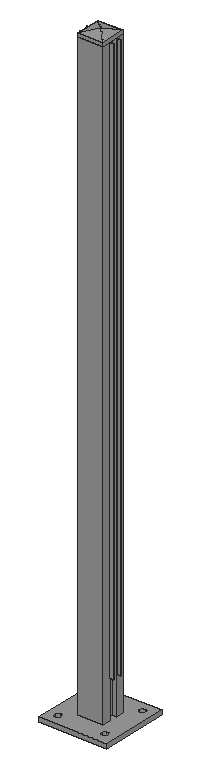
Revit family "Palmshield-Mercury-Solid-Aluminum-Post", category Specialty Equipment, Revit 2026
Family settings
  Round Connector Dimension = Use Diameter
  Part Type = Normal
  Classification Number = 23.55.00.00
  Work Plane-Based = No
  Enable Cutting in Views = No
  Always vertical = No
  Cut with Voids When Loaded = No
  Maintain Annotation Orientation = No
  Shared = No
  Room Calculation Point = No
Parameters (values of type "Assembly")
  Warranty URL = "https://palmshieldlouvers.com/wp-content/uploads/2020/01/PalmSHIELD-Warranty-NO-SIGN-LINE.pdf"
  Version = "2020 - v1.0a"  # constant formula
  URL = "https://palmshieldlouvers.com/"
  Product Page URL = "https://palmshieldlouvers.com/products/mercury-eco-solid/"
  Product Documentation Link = "https://palmshieldlouvers.com/wp-content/uploads/2022/01/PalmSHIELD-Mercury-Solid-Composite-Infill-Architectural-Screening-Specifications.doc"
  Post Position [instance] = 1
  Model = "Mercury Economic Solid - Aluminum"  # constant formula
  Material = Metal - PalmSHIELD - Dusty Grey
  Manufacturer Phone Number = "531-329-4406 "  # constant formula
  Manufacturer Email = "mailto: info@palmshieldlouvers.com"
  Manufacturer Address = "12330 Cary Circle, La Vista, NE 68128"  # constant formula
  Manufacturer = "PalmSHIELD"  # constant formula
  Keynote = "05 10 00"
  Instruction Sheet Link = "https://palmshieldlouvers.com/wp-content/uploads/2020/02/PalmSHIELD-Element-Screening-Installation-Instructions.pdf"
  ID [instance] = "Not Assigned"
  Height [instance] = if(Desired Overall Height < C Min Height, C Min Height, if(Desired Overall Height > C Max Height, C Max Height, Desired Overall Height))  # 6' - 0"
  Desired Overall Height [instance] = 6' - 0"
  Description = "Mercury Economic Solid - Aluminum - Square Post"  # constant formula
  Default Elevation = 0' - 0"
  Copyright = "Copyright ©2024 The American Fence Company and PalmSHIELD. All Rights Reserved."  # constant formula
  Component Vis [instance] = yes
  Component Name [instance] = "Mercury Economic Solid - Aluminum - Square Post"  # constant formula
  C Post Width = 0' - 4"  # constant formula
  C Min Height [instance] = 3' - 4"  # constant formula
  C Max Height [instance] = 8' - 0"  # constant formula
  Assembly Code = "F1020100"
Reference planes (in)
  plane 1 "Center (Front/Back)": y = 0
  plane 2: z = 0
  plane 3 "Center (Left/Right)": x = 0
  plane 4: z = 72
  plane 5: y = 2
  plane 6: y = -2
  plane 7: x = 2
  plane 8: x = -2
Lines and regions (in)
  reference lines
    curve 1: line (-24.29961, 0, 72) -> (24.70039, 0, 72)
Dimensions and locks (in)
  "Desired Overall Height": curve 1 to plane 2
  "Height": plane 4 to plane 2
  equal spacing: plane 8, plane 3 "Center (Left/Right)", plane 7
  equal spacing: plane 5, plane 1 "Center (Front/Back)", plane 6
  "C Post Width": plane 5 to plane 6
  "C Post Width": plane 8 to plane 7
  aligned and locked: plane 2 to level
Automatic sketch dimensions
  curve 1 to plane 8 = 1' - 10.29961"
  curve 1 to plane 7 = 1' - 10.70039"
Nested families (in)
  nested 1: "Screening-Louver-Assembly-Post-Palmshield-Mercury_Economic-Solid-Composite" at (0, 0, 0), Desired Overall Height <- "Desired Overall Height", ID <- "ID", Component Vis <- "Component Vis", Constraints <- "Post Position", type "Assembly"
    with Overall Height 6' - 0", ID "Not Assigned", Desired Overall Height 6' - 0", Constraints 1, Component Vis (Middle) yes, Component Vis (End) no, Component Vis (Corner) no, Component Vis yes, Component Name "Mercury Economic Solid - Composite - Post Assembly"
  nested 2: "Nested-Base_Plate-Palmshield-Mercury_Economic-Solid-Vinyl" at (0, 0, 0), type "8" x 8" x 1/2""
    with Material Metal - PalmSHIELD - Dusty Grey, ID "Not Assigned", Component Name "Mercury Economic Solid - Aluminum - Base Plate"
  nested 3: "Nested-Top_Cap-Palmshield-Mercury_Economic-Solid-Vinyl" at (0, 0, 72), type "3" x 3" x 3/4""
    with Material Metal - PalmSHIELD - Dusty Grey, ID "Not Assigned", Component Name "Mercury Economic Solid - Aluminum - Top Cap"
  nested 4: "Nested-Square_Post-Palmshield-Mercury_Economic-Solid-Vinyl" at (0, 0, 0.5), type "6063 T6 ALUM 3" X 3" POSTS"
    with Post Position 1, Middle Post yes, Material Metal - PalmSHIELD - Dusty Grey, Length 5' - 11 1/2", ID "", End Post no, Corner Post Up no, Corner Post Down no, Component Name "Mercury Economic Solid - Aluminum - Post"
Definition of nested family "Nested-Base_Plate-Palmshield-Mercury_Economic-Solid-Vinyl"
  Parameters (values of type "8" x 8" x 1/2"")
    Width = 0' - 8"  # constant formula
    Warranty URL = "https://palmshieldlouvers.com/wp-content/uploads/2020/01/PalmSHIELD-Warranty-NO-SIGN-LINE.pdf"
    Version = "2020 - v1.0a"  # constant formula
    URL = "https://palmshieldlouvers.com/"
    Thickness = 0' - 0 1/2"  # constant formula
    Product Page URL = "Contact Manufacturer for More Information"
    Product Documentation Link = "Contact Manufacturer for More Information"
    Model = "Mercury Economic Solid"  # constant formula
    Material [instance] = none
    Manufacturer Phone Number = "531-329-4406 "  # constant formula
    Manufacturer Fax Number = "Consult Manufacturer Website for More Information"  # constant formula
    Manufacturer Email = "mailto: info@palmshieldlouvers.com"
    Manufacturer Address = "12330 Cary Circle, La Vista, NE 68128"  # constant formula
    Manufacturer = "PalmSHIELD"  # constant formula
    Keynote = "05 10 00"
    ID [instance] = ""
    Hole Diameter = 0' - 0 3/4"  # constant formula
    Description = "Mercury Economic Solid - Aluminum - Base Plate"  # constant formula
    Default Elevation = 4' - 0"
    Copyright = "©2023 The American Fence Company and PalmSHIELD. All Rights Reserved."  # constant formula
    Component Name [instance] = "Mercury Economic Solid - Aluminum - Base Plate"  # constant formula
    C Hole Offset = 0' - 1 1/4"  # constant formula
    Assembly Code = "F1020100"
  Reference planes (in)
    plane 1 "Center (Front/Back)": y = 0
    plane 2: z = 0
    plane 3 "Center (Left/Right)": x = 0
    plane 4: y = 4
    plane 5: x = 4
    plane 6: y = -4
    plane 7: x = -4
    plane 8: z = 0.5
  Forms (in)
    Extrusion 1, solid
      sketch origin (0, 0, 0) x (1, 0, 0) y (0, 1, 0)
        loop
          line (-48, 48) -> (-48, -48) -> (48, -48) -> (48, 48) -> (-48, 48)
      from 0 to -12
    Extrusion 2, solid, material <- "Material"
      sketch origin (0, 0, 0) x (1, 0, 0) y (0, 1, 0)
        loop
          line (-4, 4) -> (-4, -4) -> (4, -4) -> (4, 4) -> (-4, 4)
        loop
          circle (-2.75, 2.75) r 0.375
        loop
          circle (2.75, 2.75) r 0.375
        loop
          circle (-2.75, -2.75) r 0.375
        loop
          circle (2.75, -2.75) r 0.375
      from 0 to 0.5
  Dimensions and locks (in)
    equal spacing: plane 7, plane 3 "Center (Left/Right)", plane 5
    equal spacing: plane 4, plane 1 "Center (Front/Back)", plane 6
    "Width": plane 7 to plane 5
    "Width": plane 4 to plane 6
    "C Hole Offset": plane 7 to Extrusion 2 sketch curve  (x2)
    "C Hole Offset": Extrusion 2 sketch curve to plane 5  (x2)
    "C Hole Offset": plane 4 to Extrusion 2 sketch curve  (x2)
    "C Hole Offset": plane 6 to Extrusion 2 sketch curve  (x2)
    "Thickness": plane 8 to plane 2
    "Hole Diameter": diameter of Extrusion 2 sketch curve  (x4)
    aligned and locked: plane 2 to Extrusion 1
    aligned and locked: level to Extrusion 1
    aligned and locked: Extrusion 2 sketch curve to plane 4
    aligned and locked: plane 7 to Extrusion 2 sketch curve
    aligned and locked: Extrusion 2 sketch curve to plane 6
    aligned and locked: Extrusion 2 sketch curve to plane 5
    aligned and locked: plane 8 to Extrusion 2
  Automatic sketch dimensions
    Extrusion 1 sketch curve to Extrusion 1 sketch curve = 8' - 0"  (x2)
Definition of nested family "Nested-Top_Cap-Palmshield-Mercury_Economic-Solid-Vinyl"
  Parameters (values of type "3" x 3" x 3/4"")
    Width = 0' - 3"  # constant formula
    Warranty URL = "https://palmshieldlouvers.com/wp-content/uploads/2020/01/PalmSHIELD-Warranty-NO-SIGN-LINE.pdf"
    Version = "2020 - v1.0a"  # constant formula
    URL = "https://palmshieldlouvers.com/"
    Thickness = 0' - 0 3/4"  # constant formula
    Product Page URL = "Contact Manufacturer for More Information"
    Product Documentation Link = "Contact Manufacturer for More Information"
    Model = "Mercury Economic Solid"  # constant formula
    Material [instance] = none
    Manufacturer Phone Number = "531-329-4406 "  # constant formula
    Manufacturer Fax Number = "Consult Manufacturer Website for More Information"  # constant formula
    Manufacturer Email = "mailto: info@palmshieldlouvers.com"
    Manufacturer Address = "12330 Cary Circle, La Vista, NE 68128"  # constant formula
    Manufacturer = "PalmSHIELD"  # constant formula
    Keynote = "05 10 00"
    ID [instance] = ""
    Description = "Mercury Economic Solid - Aluminum - Top Cap"  # constant formula
    Default Elevation = 4' - 0"
    Copyright = "©2023 The American Fence Company and PalmSHIELD. All Rights Reserved."  # constant formula
    Component Name [instance] = "Mercury Economic Solid - Aluminum - Top Cap"  # constant formula
    Assembly Code = "F1020100"
  Reference planes (in)
    plane 1 "Center (Front/Back)": y = 0
    plane 2: z = 0
    plane 3 "Center (Left/Right)": x = 0
  Forms (in)
    Extrusion 1, solid
      sketch origin (0, 0, 0) x (1, 0, 0) y (0, 1, 0)
        loop
          line (-48, 48) -> (-48, -48) -> (48, -48) -> (48, 48) -> (-48, 48)
      from 0 to -12
    Extrusion 2, solid, material <- "Material"
      sketch origin (0, 0, 0) x (1, 0, 0) y (0, 0, 1)
        loop
          line (-1.5, 0.375) -> (-1.5, 0) -> (1.5, 0) -> (1.5, 0.375) -> (-1.5, 0.375)
      from -1.5 to 1.5
    Extrusion 3, solid, material <- "Material"
      sketch origin (0, 0, 0.375) x (1, 0, 0) y (0, 0, 1)
        loop
          line (-1.5, 0.375) -> (-1.5, 0) -> (1.5, 0) -> (1.5, 0.375) -> (-1.5, 0.375)
      from -1.5 to 1.5
    Extrusion 4, void
      sketch origin (0, 0, 0) x (1, 0, 0) y (0, 0, 1)
        loop
          line (-1.5, 0.375) -> (0, 0.75) -> (1.5, 0.375) -> (1.5, 1.19559) -> (-1.5, 1.19559) -> (-1.5, 0.375)
      from -1.71068 to 1.80879
    Extrusion 5, void
      sketch origin (0, 0, 0) x (0, -1, 0) y (0, 0, -1)
        loop
          line (-1.5, -0.375) -> (-1.5, -1.19559) -> (1.5, -1.19559) -> (1.5, -0.375) -> (0, -0.75) -> (-1.5, -0.375)
      from -1.71068 to 1.80879
  Cuts and joins
    Extrusion 4, Extrusion 5 cuts Extrusion 3
  Dimensions and locks (in)
    aligned and locked: plane 2 to Extrusion 1
    aligned and locked: level to Extrusion 1
Definition of nested family "Nested-Square_Post-Palmshield-Mercury_Economic-Solid-Vinyl"
  Parameters (values of type "6063 T6 ALUM 3" X 3" POSTS")
    Width = 0' - 3"  # constant formula
    Warranty URL = "https://palmshieldlouvers.com/wp-content/uploads/2020/01/PalmSHIELD-Warranty-NO-SIGN-LINE.pdf"
    Version = "2020 - v1.0a"  # constant formula
    URL = "https://palmshieldlouvers.com/"
    Thickness = 0' - 0 1/16"  # constant formula
    Product Page URL = "Contact Manufacturer for More Information"
    Product Documentation Link = "Contact Manufacturer for More Information"
    Post Position [instance] = 3
    Model = "Mercury Economic Solid"  # constant formula
    Middle Post [instance] = Post Position = 1  # no
    Material [instance] = none
    Manufacturer Phone Number = "531-329-4406 "  # constant formula
    Manufacturer Fax Number = "Consult Manufacturer Website for More Information"  # constant formula
    Manufacturer Email = "mailto: info@palmshieldlouvers.com"
    Manufacturer Address = "12330 Cary Circle, La Vista, NE 68128"  # constant formula
    Manufacturer = "PalmSHIELD"  # constant formula
    Length [instance] = 4' - 4.86713"
    Keynote = "05 10 00"
    ID [instance] = ""
    End Post [instance] = Post Position = 2  # no
    Description = "Mercury Economic Solid - Aluminum - Post"  # constant formula
    Default Elevation = 4' - 0"
    Corner Post Up [instance] = Post Position = 3  # yes
    Corner Post Down [instance] = Post Position = 4  # no
    Copyright = "©2023 The American Fence Company and PalmSHIELD. All Rights Reserved."  # constant formula
    Component Name [instance] = "Mercury Economic Solid - Aluminum - Post"  # constant formula
    Assembly Code = "F1020100"
  Reference planes (in)
    plane 1 "Center (Front/Back)": y = 0
    plane 2: z = 0
    plane 3 "Center (Left/Right)": x = 0
    plane 4: z = 52.86713
    plane 5: z = 49.86713
    plane 6: x = -1.5
    plane 7: x = 1.5
    plane 8: y = 1.5
    plane 9: y = -1.5
  Forms (in)
    Extrusion 1, solid
      sketch origin (0, 0, 0) x (1, 0, 0) y (0, 1, 0)
        loop
          line (-48, 48) -> (-48, -48) -> (48, -48) -> (48, 48) -> (-48, 48)
      from 0 to -12
    Extrusion 2, solid, material <- "Material", visible <- "Middle Post"
      sketch origin (0, 0, 0) x (1, 0, 0) y (0, 1, 0)
        loop
          line (1.5, 1.5) -> (-1.5, 1.5) -> (-1.5, 0.5625) -> (-2, 0.5625) -> (-2, 0.5) -> (-1, 0.5) -> (-1, -0.5) -> (-2, -0.5) -> (-2, -0.5625) -> (-1.5, -0.5625) -> (-1.5, -1.5) -> (1.5, -1.5) -> (1.5, -0.5625) -> (2, -0.5625) -> (2, -0.5) -> (1, -0.5) -> (1, 0.5) -> (2, 0.5) -> (2, 0.5625) -> (1.5, 0.5625) -> (1.5, 1.5)
        loop
          line (-1.4375, 1.4375) -> (-1.4375, 0.5625) -> (-0.9375, 0.5625) -> (-0.9375, -0.5625) -> (-1.4375, -0.5625) -> (-1.4375, -1.4375) -> (1.4375, -1.4375) -> (1.4375, -0.5625) -> (0.9375, -0.5625) -> (0.9375, 0.5625) -> (1.4375, 0.5625) -> (1.4375, 1.4375) -> (-1.4375, 1.4375)
      from 0 to 52.86713
    Extrusion 3, solid, material <- "Material", visible <- "Corner Post Up"
      sketch origin (0, 0, 0) x (1, 0, 0) y (0, 1, 0)
        loop
          line (1.5, 1.5) -> (0.5625, 1.5) -> (0.5625, 2) -> (0.5, 2) -> (0.5, 1) -> (-0.5, 1) -> (-0.5, 2) -> (-0.5625, 2) -> (-0.5625, 1.5) -> (-1.5, 1.5) -> (-1.5, 0.5625) -> (-2, 0.5625) -> (-2, 0.5) -> (-1, 0.5) -> (-1, -0.5) -> (-2, -0.5) -> (-2, -0.5625) -> (-1.5, -0.5625) -> (-1.5, -1.5) -> (1.5, -1.5) -> (1.5, 1.5)
        loop
          line (-1.4375, 1.4375) -> (-1.4375, 0.5625) -> (-0.9375, 0.5625) -> (-0.9375, -0.5625) -> (-1.4375, -0.5625) -> (-1.4375, -1.4375) -> (1.4375, -1.4375) -> (1.4375, 1.4375) -> (0.5625, 1.4375) -> (0.5625, 0.9375) -> (-0.5625, 0.9375) -> (-0.5625, 1.4375) -> (-1.4375, 1.4375)
      from 0 to 52.86713
    Extrusion 4, solid, material <- "Material", visible <- "End Post"
      sketch origin (0, 0, 0) x (1, 0, 0) y (0, 1, 0)
        loop
          line (-1.5, 1.5) -> (-1.5, 0.5625) -> (-2, 0.5625) -> (-2, 0.5) -> (-1, 0.5) -> (-1, -0.5) -> (-2, -0.5) -> (-2, -0.5625) -> (-1.5, -0.5625) -> (-1.5, -1.5) -> (1.5, -1.5) -> (1.5, 1.5) -> (-1.5, 1.5)
        loop
          line (1.4375, 1.4375) -> (-1.4375, 1.4375) -> (-1.4375, 0.5625) -> (-0.9375, 0.5625) -> (-0.9375, -0.5625) -> (-1.4375, -0.5625) -> (-1.4375, -1.4375) -> (1.4375, -1.4375) -> (1.4375, 1.4375)
      from 0 to 52.86713
    Extrusion 5, void
      sketch origin (0, 0, 0) x (1, 0, 0) y (0, 1, 0)
        loop
          line (-1.5, 1.5) -> (-1.5, -1.5) -> (1.5, -1.5) -> (1.5, 1.5) -> (-1.5, 1.5)
        loop
          line (-2.25, 2.25) -> (-2.25, -2.25) -> (2.25, -2.25) -> (2.25, 2.25) -> (-2.25, 2.25)
      from -0.5 to 4.5
    Extrusion 6, solid, material <- "Material", visible <- "Corner Post Down"
      sketch origin (0, 0, 0) x (1, 0, 0) y (0, 1, 0)
        loop
          line (1.5, -1.5) -> (1.5, 1.5) -> (-1.5, 1.5) -> (-1.5, 0.5625) -> (-2, 0.5625) -> (-2, 0.5) -> (-1, 0.5) -> (-1, -0.5) -> (-2, -0.5) -> (-2, -0.5625) -> (-1.5, -0.5625) -> (-1.5, -1.5) -> (-0.5625, -1.5) -> (-0.5625, -2) -> (-0.5, -2) -> (-0.5, -1) -> (0.5, -1) -> (0.5, -2) -> (0.5625, -2) -> (0.5625, -1.5) -> (1.5, -1.5)
        loop
          line (-1.4375, -1.4375) -> (-0.5625, -1.4375) -> (-0.5625, -0.9375) -> (0.5625, -0.9375) -> (0.5625, -1.4375) -> (1.4375, -1.4375) -> (1.4375, 1.4375) -> (-1.4375, 1.4375) -> (-1.4375, 0.5625) -> (-0.9375, 0.5625) -> (-0.9375, -0.5625) -> (-1.4375, -0.5625) -> (-1.4375, -1.4375)
      from 0 to 52.86713
  Cuts and joins
    Extrusion 5 cuts Extrusion 3
    Extrusion 5 cuts Extrusion 2
    Extrusion 5 cuts Extrusion 4
    Extrusion 5 cuts Extrusion 6
  Lines and regions (in)
    reference lines
      curve 1: line (-3.81017, 0, -0.5) -> (3.68983, 0, -0.5)
      curve 2: line (-3.81017, 0, 4.5) -> (3.68983, 0, 4.5)
  Dimensions and locks (in)
    "Length": plane 4 to plane 2
    locked: plane 4 to plane 5 at 3
    locked: plane 2 to curve 1 at 0.5
    locked: curve 2 to curve 1 at 5
    aligned and locked: plane 2 to Extrusion 1
    aligned and locked: level to Extrusion 1
    aligned and locked: plane 4 to Extrusion 2
    aligned and locked: plane 4 to Extrusion 3
    aligned and locked: plane 4 to Extrusion 4
    aligned and locked: curve 1 to Extrusion 5
    aligned and locked: Extrusion 5 to curve 2
    aligned and locked: plane 4 to Extrusion 6
    aligned and locked: Extrusion 6 to plane 2
  Automatic sketch dimensions
    Extrusion 1 sketch curve to Extrusion 1 sketch curve = 8' - 0"  (x2)
    curve 2 to plane 6 = 0' - 2.31017"
    curve 1 to plane 6 = 0' - 2.31017"
    plane 7 to curve 2 = 0' - 2.18983"
    plane 7 to curve 1 = 0' - 2.18983"
    Extrusion 2 sketch curve to plane 6 = 0' - 0"  (x2)
    Extrusion 2 sketch curve to plane 7 = 0' - 0"  (x2)
    Extrusion 2 sketch curve to plane 9 = 0' - 0"
    Extrusion 2 sketch curve to plane 8 = 0' - 0"
    Extrusion 2 sketch curve to plane 6 = 0' - 0 1/2"  (x2)
    Extrusion 2 sketch curve to Extrusion 2 sketch curve = 0' - 0 1/16"  (x7)
    plane 6 to Extrusion 2 sketch curve = 0' - 0 1/16"
    Extrusion 2 sketch curve to Extrusion 2 sketch curve = 0' - 0 7/16"
    Extrusion 2 sketch curve to plane 7 = 0' - 0 9/16"
    Extrusion 2 sketch curve to plane 7 = 0' - 0 1/16"  (x2)
    plane 7 to Extrusion 2 sketch curve = 0' - 0 1/2"  (x2)
    plane 9 to Extrusion 2 sketch curve = 0' - 0 1/16"
    plane 1 "Center (Front/Back)" to Extrusion 2 sketch curve = 0' - 0 9/16"  (x4)
    Extrusion 2 sketch curve to plane 1 "Center (Front/Back)" = 0' - 0 1/2"  (x2)
    Extrusion 2 sketch curve to Extrusion 2 sketch curve = 0' - 0"  (x2)
    Extrusion 2 sketch curve to plane 8 = 0' - 0 1/16"
    Extrusion 3 sketch curve to plane 6 = 0' - 0"  (x2)
    Extrusion 3 sketch curve to plane 8 = 0' - 0"  (x2)
    Extrusion 3 sketch curve to plane 7 = 0' - 0"
    Extrusion 3 sketch curve to plane 9 = 0' - 0"
    Extrusion 3 sketch curve to plane 6 = 0' - 0 1/2"
    Extrusion 3 sketch curve to Extrusion 3 sketch curve = 0' - 0 1/2"
    plane 6 to Extrusion 3 sketch curve = 0' - 0 1/16"  (x2)
    Extrusion 3 sketch curve to Extrusion 3 sketch curve = 0' - 0 7/16"
    Extrusion 3 sketch curve to Extrusion 3 sketch curve = 0' - 0 1/16"  (x9)
    Extrusion 3 sketch curve to plane 3 "Center (Left/Right)" = 0' - 0 9/16"
    Extrusion 3 sketch curve to Extrusion 3 sketch curve = 0' - 0 3/8"  (x2)
    plane 3 "Center (Left/Right)" to Extrusion 3 sketch curve = 0' - 0 1/2"
    Extrusion 3 sketch curve to plane 8 = 0' - 0 1/16"
    Extrusion 3 sketch curve to plane 7 = 0' - 0 1/16"
    plane 9 to Extrusion 3 sketch curve = 0' - 0 1/16"
    plane 1 "Center (Front/Back)" to Extrusion 3 sketch curve = 0' - 0 9/16"
    Extrusion 3 sketch curve to Extrusion 3 sketch curve = 0' - 0"
    Extrusion 3 sketch curve to plane 1 "Center (Front/Back)" = 0' - 0 1/2"
    plane 8 to Extrusion 3 sketch curve = 0' - 0 1/2"  (x2)
    Extrusion 4 sketch curve to plane 6 = 0' - 0"  (x2)
    Extrusion 4 sketch curve to plane 7 = 0' - 0"
    Extrusion 4 sketch curve to plane 9 = 0' - 0"
    Extrusion 4 sketch curve to plane 8 = 0' - 0"
    Extrusion 4 sketch curve to Extrusion 4 sketch curve = 0' - 0 1/2"
    Extrusion 4 sketch curve to plane 6 = 0' - 0 1/2"
    plane 6 to Extrusion 4 sketch curve = 0' - 0 1/16"  (x2)
    Extrusion 4 sketch curve to Extrusion 4 sketch curve = 0' - 0 7/16"
    Extrusion 4 sketch curve to Extrusion 4 sketch curve = 0' - 0 1/16"  (x3)
    Extrusion 4 sketch curve to plane 7 = 0' - 0 1/16"
    plane 9 to Extrusion 4 sketch curve = 0' - 0 1/16"
    plane 1 "Center (Front/Back)" to Extrusion 4 sketch curve = 0' - 0 9/16"
    Extrusion 4 sketch curve to Extrusion 4 sketch curve = 0' - 0"  (x2)
    Extrusion 4 sketch curve to plane 1 "Center (Front/Back)" = 0' - 0 1/2"
    Extrusion 4 sketch curve to plane 8 = 0' - 0 1/16"
    Extrusion 5 sketch curve to plane 6 = 0' - 0"
    Extrusion 5 sketch curve to plane 7 = 0' - 0"
    Extrusion 5 sketch curve to plane 9 = 0' - 0"
    Extrusion 5 sketch curve to plane 8 = 0' - 0"
    Extrusion 5 sketch curve to plane 6 = 0' - 0 3/4"
    plane 7 to Extrusion 5 sketch curve = 0' - 0 3/4"
    Extrusion 5 sketch curve to plane 9 = 0' - 0 3/4"
    plane 8 to Extrusion 5 sketch curve = 0' - 0 3/4"
    Extrusion 6 sketch curve to plane 6 = 0' - 0"  (x2)
    Extrusion 6 sketch curve to plane 9 = 0' - 0"  (x2)
    Extrusion 6 sketch curve to plane 7 = 0' - 0"
    Extrusion 6 sketch curve to plane 8 = 0' - 0"
    Extrusion 6 sketch curve to plane 6 = 0' - 0 1/2"
    Extrusion 6 sketch curve to Extrusion 6 sketch curve = 0' - 0 1/2"  (x2)
    plane 6 to Extrusion 6 sketch curve = 0' - 0 1/16"  (x2)
    Extrusion 6 sketch curve to Extrusion 6 sketch curve = 0' - 0 7/16"  (x2)
    Extrusion 6 sketch curve to Extrusion 6 sketch curve = 0' - 0 1/16"  (x8)
    Extrusion 6 sketch curve to plane 3 "Center (Left/Right)" = 0' - 0 9/16"
    Extrusion 6 sketch curve to Extrusion 6 sketch curve = 0' - 0 3/8"  (x2)
    plane 3 "Center (Left/Right)" to Extrusion 6 sketch curve = 0' - 0 1/2"
    plane 9 to Extrusion 6 sketch curve = 0' - 0 1/16"  (x2)
    Extrusion 6 sketch curve to plane 7 = 0' - 0 1/16"
    Extrusion 6 sketch curve to plane 9 = 0' - 0 1/2"
    Extrusion 6 sketch curve to Extrusion 6 sketch curve = 0' - 0"
    Extrusion 6 sketch curve to plane 1 "Center (Front/Back)" = 0' - 0 1/2"
    Extrusion 6 sketch curve to plane 8 = 0' - 0 1/16"
Definition of nested family "Screening-Louver-Assembly-Post-Palmshield-Mercury_Economic-Solid-Composite"
  Parameters (values of type "Assembly")
    Width = 0' - 3"  # constant formula
    Warranty URL = "https://palmshieldlouvers.com/wp-content/uploads/2020/01/PalmSHIELD-Warranty-NO-SIGN-LINE.pdf"
    Version = "2020 - v1.0a"  # constant formula
    URL = "https://palmshieldlouvers.com/"
    Top Cap Thickness = 0' - 0 3/4"  # constant formula
    Product Page URL = "https://palmshieldlouvers.com/products/mercury-eco-solid/"
    Product Documentation Link = "https://palmshieldlouvers.com/wp-content/uploads/2022/01/PalmSHIELD-Mercury-Solid-Composite-Infill-Architectural-Screening-Specifications.doc"
    Overall Height [instance] = if(Desired Overall Height < 3' 0", 3' 0", if(Desired Overall Height > 10' 0", 10' 0", Desired Overall Height))  # 6' - 0"
    Model = "Mercury Economic Solid"  # constant formula
    Material = none
    Manufacturer Phone Number = "531-329-4406 "  # constant formula
    Manufacturer Fax Number = "Consult Manufacturer Website for More Information"  # constant formula
    Manufacturer Email = "mailto: info@palmshieldlouvers.com"
    Manufacturer Address = "12330 Cary Circle, La Vista, NE 68128"  # constant formula
    Manufacturer = "PalmSHIELD"  # constant formula
    Keynote = "05 10 00"
    ID [instance] = "Not Assigned"
    Desired Overall Height [instance] = 6' - 0"
    Description = "Mercury Economic Solid - Composite - Post Assembly"  # constant formula
    Default Elevation = 4' - 0"
    Copyright = "©2023 The American Fence Company and PalmSHIELD. All Rights Reserved."  # constant formula
    Constraints [instance] = 1
    Component Vis (Middle) [instance] = and(Component Vis, Constraints = 1)  # yes
    Component Vis (End) [instance] = and(Component Vis, Constraints = 2)  # no
    Component Vis (Corner) [instance] = and(Component Vis, Constraints = 3)  # no
    Component Vis [instance] = yes
    Component Name [instance] = "Mercury Economic Solid - Composite - Post Assembly"  # constant formula
    Base Plate Thickness = 0' - 0 1/2"  # constant formula
    Assembly Code = "F1020100"
  Reference planes (in)
    plane 1 "Center (Front/Back)": y = 0
    plane 2: z = 0
    plane 3 "Center (Left/Right)": x = 0
    plane 4: z = 72
  Forms (in)
    Extrusion 1, solid
      sketch origin (0, 0, 0) x (1, 0, 0) y (0, 1, 0)
        loop
          line (-48, 48) -> (-48, -48) -> (48, -48) -> (48, 48) -> (-48, 48)
      from 0 to -12
  Lines and regions (in)
    reference lines
      curve 1: line (-64.16684, 0, 72) -> (79.83316, 0, 72)
  Dimensions and locks (in)
    "Desired Overall Height": curve 1 to plane 2
    "Overall Height": plane 4 to plane 2
    aligned and locked: plane 2 to Extrusion 1
    aligned and locked: level to Extrusion 1
    aligned and locked: plane 3 "Center (Left/Right)" to nested 1
    aligned and locked: plane 1 "Center (Front/Back)" to nested 1
    aligned and locked: plane 1 "Center (Front/Back)" to nested 2
    aligned and locked: plane 4 to nested 3
    aligned and locked: plane 1 "Center (Front/Back)" to nested 3
    aligned and locked: plane 3 "Center (Left/Right)" to nested 3
    aligned and locked: plane 3 "Center (Left/Right)" to nested 2
  Automatic sketch dimensions
    Extrusion 1 sketch curve to Extrusion 1 sketch curve = 8' - 0"  (x2)
    curve 1 to plane 3 "Center (Left/Right)" = 5' - 4.16684"
    plane 3 "Center (Left/Right)" to curve 1 = 6' - 7.83316"
  Nested families (in)
    nested 1: "Nested-Base_Plate-Palmshield-Mercury_Economic-Solid-Vinyl" at (0, 0, 0), ID <- "ID", Material <- "Material", visible <- "Component Vis", type "8" x 8" x 1/2""
      with Material none, ID "Not Assigned", Component Name "Mercury Economic Solid - Aluminum - Base Plate"
    nested 2: "Nested-Top_Cap-Palmshield-Mercury_Economic-Solid-Vinyl" at (0, 0, 72), ID <- "ID", Material <- "Material", visible <- "Component Vis", type "3" x 3" x 3/4""
      with Material none, ID "Not Assigned", Component Name "Mercury Economic Solid - Aluminum - Top Cap"
    nested 3: "Nested-Square_Post-Palmshield-Mercury_Economic-Solid-Vinyl" at (0, 0, 0.5), visible <- "Component Vis", Material <- "Material", Post Position <- "Constraints", type "6063 T6 ALUM 3" X 3" POSTS"
      with Post Position 1, Middle Post yes, Material none, Length 5' - 11 1/2", ID "", End Post no, Corner Post Up no, Corner Post Down no, Component Name "Mercury Economic Solid - Aluminum - Post"
  Definition of nested family "Nested-Base_Plate-Palmshield-Mercury_Economic-Solid-Vinyl"
    Parameters (values of type "8" x 8" x 1/2"")
      Width = 0' - 8"  # constant formula
      Warranty URL = "https://palmshieldlouvers.com/wp-content/uploads/2020/01/PalmSHIELD-Warranty-NO-SIGN-LINE.pdf"
      Version = "2020 - v1.0a"  # constant formula
      URL = "https://palmshieldlouvers.com/"
      Thickness = 0' - 0 1/2"  # constant formula
      Product Page URL = "Contact Manufacturer for More Information"
      Product Documentation Link = "Contact Manufacturer for More Information"
      Model = "Mercury Economic Solid"  # constant formula
      Material [instance] = none
      Manufacturer Phone Number = "531-329-4406 "  # constant formula
      Manufacturer Fax Number = "Consult Manufacturer Website for More Information"  # constant formula
      Manufacturer Email = "mailto: info@palmshieldlouvers.com"
      Manufacturer Address = "12330 Cary Circle, La Vista, NE 68128"  # constant formula
      Manufacturer = "PalmSHIELD"  # constant formula
      Keynote = "05 10 00"
      ID [instance] = ""
      Hole Diameter = 0' - 0 3/4"  # constant formula
      Description = "Mercury Economic Solid - Aluminum - Base Plate"  # constant formula
      Default Elevation = 4' - 0"
      Copyright = "©2023 The American Fence Company and PalmSHIELD. All Rights Reserved."  # constant formula
      Component Name [instance] = "Mercury Economic Solid - Aluminum - Base Plate"  # constant formula
      C Hole Offset = 0' - 1 1/4"  # constant formula
      Assembly Code = "F1020100"
    Reference planes (in)
      plane 1 "Center (Front/Back)": y = 0
      plane 2: z = 0
      plane 3 "Center (Left/Right)": x = 0
      plane 4: y = 4
      plane 5: x = 4
      plane 6: y = -4
      plane 7: x = -4
      plane 8: z = 0.5
    Forms (in)
      Extrusion 1, solid
        sketch origin (0, 0, 0) x (1, 0, 0) y (0, 1, 0)
          loop
            line (-48, 48) -> (-48, -48) -> (48, -48) -> (48, 48) -> (-48, 48)
        from 0 to -12
      Extrusion 2, solid, material <- "Material"
        sketch origin (0, 0, 0) x (1, 0, 0) y (0, 1, 0)
          loop
            line (-4, 4) -> (-4, -4) -> (4, -4) -> (4, 4) -> (-4, 4)
          loop
            circle (-2.75, 2.75) r 0.375
          loop
            circle (2.75, 2.75) r 0.375
          loop
            circle (-2.75, -2.75) r 0.375
          loop
            circle (2.75, -2.75) r 0.375
        from 0 to 0.5
    Dimensions and locks (in)
      equal spacing: plane 7, plane 3 "Center (Left/Right)", plane 5
      equal spacing: plane 4, plane 1 "Center (Front/Back)", plane 6
      "Width": plane 7 to plane 5
      "Width": plane 4 to plane 6
      "C Hole Offset": plane 7 to Extrusion 2 sketch curve  (x2)
      "C Hole Offset": Extrusion 2 sketch curve to plane 5  (x2)
      "C Hole Offset": plane 4 to Extrusion 2 sketch curve  (x2)
      "C Hole Offset": plane 6 to Extrusion 2 sketch curve  (x2)
      "Thickness": plane 8 to plane 2
      "Hole Diameter": diameter of Extrusion 2 sketch curve  (x4)
      aligned and locked: plane 2 to Extrusion 1
      aligned and locked: level to Extrusion 1
      aligned and locked: Extrusion 2 sketch curve to plane 4
      aligned and locked: plane 7 to Extrusion 2 sketch curve
      aligned and locked: Extrusion 2 sketch curve to plane 6
      aligned and locked: Extrusion 2 sketch curve to plane 5
      aligned and locked: plane 8 to Extrusion 2
    Automatic sketch dimensions
      Extrusion 1 sketch curve to Extrusion 1 sketch curve = 8' - 0"  (x2)
  Definition of nested family "Nested-Top_Cap-Palmshield-Mercury_Economic-Solid-Vinyl"
    Parameters (values of type "3" x 3" x 3/4"")
      Width = 0' - 3"  # constant formula
      Warranty URL = "https://palmshieldlouvers.com/wp-content/uploads/2020/01/PalmSHIELD-Warranty-NO-SIGN-LINE.pdf"
      Version = "2020 - v1.0a"  # constant formula
      URL = "https://palmshieldlouvers.com/"
      Thickness = 0' - 0 3/4"  # constant formula
      Product Page URL = "Contact Manufacturer for More Information"
      Product Documentation Link = "Contact Manufacturer for More Information"
      Model = "Mercury Economic Solid"  # constant formula
      Material [instance] = none
      Manufacturer Phone Number = "531-329-4406 "  # constant formula
      Manufacturer Fax Number = "Consult Manufacturer Website for More Information"  # constant formula
      Manufacturer Email = "mailto: info@palmshieldlouvers.com"
      Manufacturer Address = "12330 Cary Circle, La Vista, NE 68128"  # constant formula
      Manufacturer = "PalmSHIELD"  # constant formula
      Keynote = "05 10 00"
      ID [instance] = ""
      Description = "Mercury Economic Solid - Aluminum - Top Cap"  # constant formula
      Default Elevation = 4' - 0"
      Copyright = "©2023 The American Fence Company and PalmSHIELD. All Rights Reserved."  # constant formula
      Component Name [instance] = "Mercury Economic Solid - Aluminum - Top Cap"  # constant formula
      Assembly Code = "F1020100"
    Reference planes (in)
      plane 1 "Center (Front/Back)": y = 0
      plane 2: z = 0
      plane 3 "Center (Left/Right)": x = 0
    Forms (in)
      Extrusion 1, solid
        sketch origin (0, 0, 0) x (1, 0, 0) y (0, 1, 0)
          loop
            line (-48, 48) -> (-48, -48) -> (48, -48) -> (48, 48) -> (-48, 48)
        from 0 to -12
      Extrusion 2, solid, material <- "Material"
        sketch origin (0, 0, 0) x (1, 0, 0) y (0, 0, 1)
          loop
            line (-1.5, 0.375) -> (-1.5, 0) -> (1.5, 0) -> (1.5, 0.375) -> (-1.5, 0.375)
        from -1.5 to 1.5
      Extrusion 3, solid, material <- "Material"
        sketch origin (0, 0, 0.375) x (1, 0, 0) y (0, 0, 1)
          loop
            line (-1.5, 0.375) -> (-1.5, 0) -> (1.5, 0) -> (1.5, 0.375) -> (-1.5, 0.375)
        from -1.5 to 1.5
      Extrusion 4, void
        sketch origin (0, 0, 0) x (1, 0, 0) y (0, 0, 1)
          loop
            line (-1.5, 0.375) -> (0, 0.75) -> (1.5, 0.375) -> (1.5, 1.19559) -> (-1.5, 1.19559) -> (-1.5, 0.375)
        from -1.71068 to 1.80879
      Extrusion 5, void
        sketch origin (0, 0, 0) x (0, -1, 0) y (0, 0, -1)
          loop
            line (-1.5, -0.375) -> (-1.5, -1.19559) -> (1.5, -1.19559) -> (1.5, -0.375) -> (0, -0.75) -> (-1.5, -0.375)
        from -1.71068 to 1.80879
    Cuts and joins
      Extrusion 4, Extrusion 5 cuts Extrusion 3
    Dimensions and locks (in)
      aligned and locked: plane 2 to Extrusion 1
      aligned and locked: level to Extrusion 1
  Definition of nested family "Nested-Square_Post-Palmshield-Mercury_Economic-Solid-Vinyl"
    Parameters (values of type "6063 T6 ALUM 3" X 3" POSTS")
      Width = 0' - 3"  # constant formula
      Warranty URL = "https://palmshieldlouvers.com/wp-content/uploads/2020/01/PalmSHIELD-Warranty-NO-SIGN-LINE.pdf"
      Version = "2020 - v1.0a"  # constant formula
      URL = "https://palmshieldlouvers.com/"
      Thickness = 0' - 0 1/16"  # constant formula
      Product Page URL = "Contact Manufacturer for More Information"
      Product Documentation Link = "Contact Manufacturer for More Information"
      Post Position [instance] = 3
      Model = "Mercury Economic Solid"  # constant formula
      Middle Post [instance] = Post Position = 1  # no
      Material [instance] = none
      Manufacturer Phone Number = "531-329-4406 "  # constant formula
      Manufacturer Fax Number = "Consult Manufacturer Website for More Information"  # constant formula
      Manufacturer Email = "mailto: info@palmshieldlouvers.com"
      Manufacturer Address = "12330 Cary Circle, La Vista, NE 68128"  # constant formula
      Manufacturer = "PalmSHIELD"  # constant formula
      Length [instance] = 4' - 4.86713"
      Keynote = "05 10 00"
      ID [instance] = ""
      End Post [instance] = Post Position = 2  # no
      Description = "Mercury Economic Solid - Aluminum - Post"  # constant formula
      Default Elevation = 4' - 0"
      Corner Post Up [instance] = Post Position = 3  # yes
      Corner Post Down [instance] = Post Position = 4  # no
      Copyright = "©2023 The American Fence Company and PalmSHIELD. All Rights Reserved."  # constant formula
      Component Name [instance] = "Mercury Economic Solid - Aluminum - Post"  # constant formula
      Assembly Code = "F1020100"
    Reference planes (in)
      plane 1 "Center (Front/Back)": y = 0
      plane 2: z = 0
      plane 3 "Center (Left/Right)": x = 0
      plane 4: z = 52.86713
      plane 5: z = 49.86713
      plane 6: x = -1.5
      plane 7: x = 1.5
      plane 8: y = 1.5
      plane 9: y = -1.5
    Forms (in)
      Extrusion 1, solid
        sketch origin (0, 0, 0) x (1, 0, 0) y (0, 1, 0)
          loop
            line (-48, 48) -> (-48, -48) -> (48, -48) -> (48, 48) -> (-48, 48)
        from 0 to -12
      Extrusion 2, solid, material <- "Material", visible <- "Middle Post"
        sketch origin (0, 0, 0) x (1, 0, 0) y (0, 1, 0)
          loop
            line (1.5, 1.5) -> (-1.5, 1.5) -> (-1.5, 0.5625) -> (-2, 0.5625) -> (-2, 0.5) -> (-1, 0.5) -> (-1, -0.5) -> (-2, -0.5) -> (-2, -0.5625) -> (-1.5, -0.5625) -> (-1.5, -1.5) -> (1.5, -1.5) -> (1.5, -0.5625) -> (2, -0.5625) -> (2, -0.5) -> (1, -0.5) -> (1, 0.5) -> (2, 0.5) -> (2, 0.5625) -> (1.5, 0.5625) -> (1.5, 1.5)
          loop
            line (-1.4375, 1.4375) -> (-1.4375, 0.5625) -> (-0.9375, 0.5625) -> (-0.9375, -0.5625) -> (-1.4375, -0.5625) -> (-1.4375, -1.4375) -> (1.4375, -1.4375) -> (1.4375, -0.5625) -> (0.9375, -0.5625) -> (0.9375, 0.5625) -> (1.4375, 0.5625) -> (1.4375, 1.4375) -> (-1.4375, 1.4375)
        from 0 to 52.86713
      Extrusion 3, solid, material <- "Material", visible <- "Corner Post Up"
        sketch origin (0, 0, 0) x (1, 0, 0) y (0, 1, 0)
          loop
            line (1.5, 1.5) -> (0.5625, 1.5) -> (0.5625, 2) -> (0.5, 2) -> (0.5, 1) -> (-0.5, 1) -> (-0.5, 2) -> (-0.5625, 2) -> (-0.5625, 1.5) -> (-1.5, 1.5) -> (-1.5, 0.5625) -> (-2, 0.5625) -> (-2, 0.5) -> (-1, 0.5) -> (-1, -0.5) -> (-2, -0.5) -> (-2, -0.5625) -> (-1.5, -0.5625) -> (-1.5, -1.5) -> (1.5, -1.5) -> (1.5, 1.5)
          loop
            line (-1.4375, 1.4375) -> (-1.4375, 0.5625) -> (-0.9375, 0.5625) -> (-0.9375, -0.5625) -> (-1.4375, -0.5625) -> (-1.4375, -1.4375) -> (1.4375, -1.4375) -> (1.4375, 1.4375) -> (0.5625, 1.4375) -> (0.5625, 0.9375) -> (-0.5625, 0.9375) -> (-0.5625, 1.4375) -> (-1.4375, 1.4375)
        from 0 to 52.86713
      Extrusion 4, solid, material <- "Material", visible <- "End Post"
        sketch origin (0, 0, 0) x (1, 0, 0) y (0, 1, 0)
          loop
            line (-1.5, 1.5) -> (-1.5, 0.5625) -> (-2, 0.5625) -> (-2, 0.5) -> (-1, 0.5) -> (-1, -0.5) -> (-2, -0.5) -> (-2, -0.5625) -> (-1.5, -0.5625) -> (-1.5, -1.5) -> (1.5, -1.5) -> (1.5, 1.5) -> (-1.5, 1.5)
          loop
            line (1.4375, 1.4375) -> (-1.4375, 1.4375) -> (-1.4375, 0.5625) -> (-0.9375, 0.5625) -> (-0.9375, -0.5625) -> (-1.4375, -0.5625) -> (-1.4375, -1.4375) -> (1.4375, -1.4375) -> (1.4375, 1.4375)
        from 0 to 52.86713
      Extrusion 5, void
        sketch origin (0, 0, 0) x (1, 0, 0) y (0, 1, 0)
          loop
            line (-1.5, 1.5) -> (-1.5, -1.5) -> (1.5, -1.5) -> (1.5, 1.5) -> (-1.5, 1.5)
          loop
            line (-2.25, 2.25) -> (-2.25, -2.25) -> (2.25, -2.25) -> (2.25, 2.25) -> (-2.25, 2.25)
        from -0.5 to 4.5
      Extrusion 6, solid, material <- "Material", visible <- "Corner Post Down"
        sketch origin (0, 0, 0) x (1, 0, 0) y (0, 1, 0)
          loop
            line (1.5, -1.5) -> (1.5, 1.5) -> (-1.5, 1.5) -> (-1.5, 0.5625) -> (-2, 0.5625) -> (-2, 0.5) -> (-1, 0.5) -> (-1, -0.5) -> (-2, -0.5) -> (-2, -0.5625) -> (-1.5, -0.5625) -> (-1.5, -1.5) -> (-0.5625, -1.5) -> (-0.5625, -2) -> (-0.5, -2) -> (-0.5, -1) -> (0.5, -1) -> (0.5, -2) -> (0.5625, -2) -> (0.5625, -1.5) -> (1.5, -1.5)
          loop
            line (-1.4375, -1.4375) -> (-0.5625, -1.4375) -> (-0.5625, -0.9375) -> (0.5625, -0.9375) -> (0.5625, -1.4375) -> (1.4375, -1.4375) -> (1.4375, 1.4375) -> (-1.4375, 1.4375) -> (-1.4375, 0.5625) -> (-0.9375, 0.5625) -> (-0.9375, -0.5625) -> (-1.4375, -0.5625) -> (-1.4375, -1.4375)
        from 0 to 52.86713
    Cuts and joins
      Extrusion 5 cuts Extrusion 3
      Extrusion 5 cuts Extrusion 2
      Extrusion 5 cuts Extrusion 4
      Extrusion 5 cuts Extrusion 6
    Lines and regions (in)
      reference lines
        curve 1: line (-3.81017, 0, -0.5) -> (3.68983, 0, -0.5)
        curve 2: line (-3.81017, 0, 4.5) -> (3.68983, 0, 4.5)
    Dimensions and locks (in)
      "Length": plane 4 to plane 2
      locked: plane 4 to plane 5 at 3
      locked: plane 2 to curve 1 at 0.5
      locked: curve 2 to curve 1 at 5
      aligned and locked: plane 2 to Extrusion 1
      aligned and locked: level to Extrusion 1
      aligned and locked: plane 4 to Extrusion 2
      aligned and locked: plane 4 to Extrusion 3
      aligned and locked: plane 4 to Extrusion 4
      aligned and locked: curve 1 to Extrusion 5
      aligned and locked: Extrusion 5 to curve 2
      aligned and locked: plane 4 to Extrusion 6
      aligned and locked: Extrusion 6 to plane 2
    Automatic sketch dimensions
      Extrusion 1 sketch curve to Extrusion 1 sketch curve = 8' - 0"  (x2)
      curve 2 to plane 6 = 0' - 2.31017"
      curve 1 to plane 6 = 0' - 2.31017"
      plane 7 to curve 2 = 0' - 2.18983"
      plane 7 to curve 1 = 0' - 2.18983"
      Extrusion 2 sketch curve to plane 6 = 0' - 0"  (x2)
      Extrusion 2 sketch curve to plane 7 = 0' - 0"  (x2)
      Extrusion 2 sketch curve to plane 9 = 0' - 0"
      Extrusion 2 sketch curve to plane 8 = 0' - 0"
      Extrusion 2 sketch curve to plane 6 = 0' - 0 1/2"  (x2)
      Extrusion 2 sketch curve to Extrusion 2 sketch curve = 0' - 0 1/16"  (x7)
      plane 6 to Extrusion 2 sketch curve = 0' - 0 1/16"
      Extrusion 2 sketch curve to Extrusion 2 sketch curve = 0' - 0 7/16"
      Extrusion 2 sketch curve to plane 7 = 0' - 0 9/16"
      Extrusion 2 sketch curve to plane 7 = 0' - 0 1/16"  (x2)
      plane 7 to Extrusion 2 sketch curve = 0' - 0 1/2"  (x2)
      plane 9 to Extrusion 2 sketch curve = 0' - 0 1/16"
      plane 1 "Center (Front/Back)" to Extrusion 2 sketch curve = 0' - 0 9/16"  (x4)
      Extrusion 2 sketch curve to plane 1 "Center (Front/Back)" = 0' - 0 1/2"  (x2)
      Extrusion 2 sketch curve to Extrusion 2 sketch curve = 0' - 0"  (x2)
      Extrusion 2 sketch curve to plane 8 = 0' - 0 1/16"
      Extrusion 3 sketch curve to plane 6 = 0' - 0"  (x2)
      Extrusion 3 sketch curve to plane 8 = 0' - 0"  (x2)
      Extrusion 3 sketch curve to plane 7 = 0' - 0"
      Extrusion 3 sketch curve to plane 9 = 0' - 0"
      Extrusion 3 sketch curve to plane 6 = 0' - 0 1/2"
      Extrusion 3 sketch curve to Extrusion 3 sketch curve = 0' - 0 1/2"
      plane 6 to Extrusion 3 sketch curve = 0' - 0 1/16"  (x2)
      Extrusion 3 sketch curve to Extrusion 3 sketch curve = 0' - 0 7/16"
      Extrusion 3 sketch curve to Extrusion 3 sketch curve = 0' - 0 1/16"  (x9)
      Extrusion 3 sketch curve to plane 3 "Center (Left/Right)" = 0' - 0 9/16"
      Extrusion 3 sketch curve to Extrusion 3 sketch curve = 0' - 0 3/8"  (x2)
      plane 3 "Center (Left/Right)" to Extrusion 3 sketch curve = 0' - 0 1/2"
      Extrusion 3 sketch curve to plane 8 = 0' - 0 1/16"
      Extrusion 3 sketch curve to plane 7 = 0' - 0 1/16"
      plane 9 to Extrusion 3 sketch curve = 0' - 0 1/16"
      plane 1 "Center (Front/Back)" to Extrusion 3 sketch curve = 0' - 0 9/16"
      Extrusion 3 sketch curve to Extrusion 3 sketch curve = 0' - 0"
      Extrusion 3 sketch curve to plane 1 "Center (Front/Back)" = 0' - 0 1/2"
      plane 8 to Extrusion 3 sketch curve = 0' - 0 1/2"  (x2)
      Extrusion 4 sketch curve to plane 6 = 0' - 0"  (x2)
      Extrusion 4 sketch curve to plane 7 = 0' - 0"
      Extrusion 4 sketch curve to plane 9 = 0' - 0"
      Extrusion 4 sketch curve to plane 8 = 0' - 0"
      Extrusion 4 sketch curve to Extrusion 4 sketch curve = 0' - 0 1/2"
      Extrusion 4 sketch curve to plane 6 = 0' - 0 1/2"
      plane 6 to Extrusion 4 sketch curve = 0' - 0 1/16"  (x2)
      Extrusion 4 sketch curve to Extrusion 4 sketch curve = 0' - 0 7/16"
      Extrusion 4 sketch curve to Extrusion 4 sketch curve = 0' - 0 1/16"  (x3)
      Extrusion 4 sketch curve to plane 7 = 0' - 0 1/16"
      plane 9 to Extrusion 4 sketch curve = 0' - 0 1/16"
      plane 1 "Center (Front/Back)" to Extrusion 4 sketch curve = 0' - 0 9/16"
      Extrusion 4 sketch curve to Extrusion 4 sketch curve = 0' - 0"  (x2)
      Extrusion 4 sketch curve to plane 1 "Center (Front/Back)" = 0' - 0 1/2"
      Extrusion 4 sketch curve to plane 8 = 0' - 0 1/16"
      Extrusion 5 sketch curve to plane 6 = 0' - 0"
      Extrusion 5 sketch curve to plane 7 = 0' - 0"
      Extrusion 5 sketch curve to plane 9 = 0' - 0"
      Extrusion 5 sketch curve to plane 8 = 0' - 0"
      Extrusion 5 sketch curve to plane 6 = 0' - 0 3/4"
      plane 7 to Extrusion 5 sketch curve = 0' - 0 3/4"
      Extrusion 5 sketch curve to plane 9 = 0' - 0 3/4"
      plane 8 to Extrusion 5 sketch curve = 0' - 0 3/4"
      Extrusion 6 sketch curve to plane 6 = 0' - 0"  (x2)
      Extrusion 6 sketch curve to plane 9 = 0' - 0"  (x2)
      Extrusion 6 sketch curve to plane 7 = 0' - 0"
      Extrusion 6 sketch curve to plane 8 = 0' - 0"
      Extrusion 6 sketch curve to plane 6 = 0' - 0 1/2"
      Extrusion 6 sketch curve to Extrusion 6 sketch curve = 0' - 0 1/2"  (x2)
      plane 6 to Extrusion 6 sketch curve = 0' - 0 1/16"  (x2)
      Extrusion 6 sketch curve to Extrusion 6 sketch curve = 0' - 0 7/16"  (x2)
      Extrusion 6 sketch curve to Extrusion 6 sketch curve = 0' - 0 1/16"  (x8)
      Extrusion 6 sketch curve to plane 3 "Center (Left/Right)" = 0' - 0 9/16"
      Extrusion 6 sketch curve to Extrusion 6 sketch curve = 0' - 0 3/8"  (x2)
      plane 3 "Center (Left/Right)" to Extrusion 6 sketch curve = 0' - 0 1/2"
      plane 9 to Extrusion 6 sketch curve = 0' - 0 1/16"  (x2)
      Extrusion 6 sketch curve to plane 7 = 0' - 0 1/16"
      Extrusion 6 sketch curve to plane 9 = 0' - 0 1/2"
      Extrusion 6 sketch curve to Extrusion 6 sketch curve = 0' - 0"
      Extrusion 6 sketch curve to plane 1 "Center (Front/Back)" = 0' - 0 1/2"
      Extrusion 6 sketch curve to plane 8 = 0' - 0 1/16"
